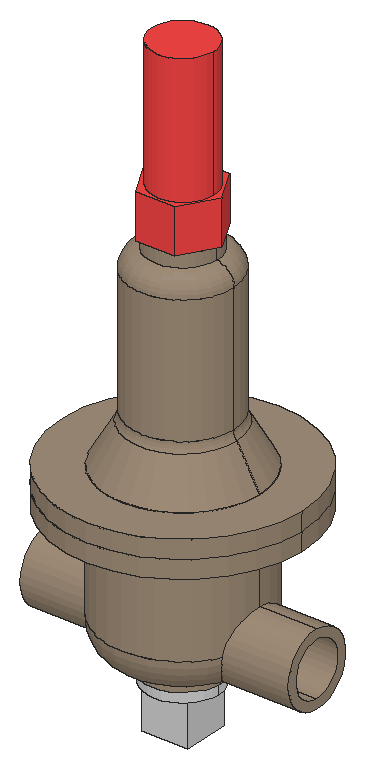
Revit family "Valve-Pressure_Relief-Cla_Val-55L_60-FNPT--", category Pipe Accessories, Revit 2020
Family settings
  Round Connector Dimension = Use Radius
  Part Type = Valve - Breaks Into
  OmniClass Number = 23.65.55.00
  OmniClass Title = Distribution of Supplied Liquids/Gases
  Work Plane-Based = No
  Always vertical = Yes
  Cut with Voids When Loaded = No
  Shared = No
Parameters (values of type "ERROR_LOAD TYPE CATALOG")
  Version = 1
  Valve Plug Nut Width = Plug Mount Radius / 0.85  # 0.58824"
  Valve Plug Nut Height = (Connection Axis to Valve Bottom - Threaded Female End Outside Radius) / 1.5  # 0.56222"
  Valve Length = 3.500"
  Valve Flange Outside Diameter = 3.120"
  Valve Body Diameter = 2.000"
  Upper Flange Height = Threaded Female End Inside Diameter / 3  # 0.23333"
  Valve Main Body Plug Circumscribe Length = Connection to Connection / 3.5  # 0.69503"
  Valve Flange Outside Radius = Valve Flange Outside Diameter / 2  # 1.560"
  Unit Weight Value = 0
  Threaded Female End Outside Radius = Threaded Female End Inside Diameter / 1.5  # 0.46667"
  Threaded Female End Inside Radius = Threaded Female End Inside Diameter / 2  # 0.350"
  Threaded Female End Inside Diameter = 0.700"
  Threaded Female End Insertion Depth = 0.5337"
  Symbol Sensor Radius = Tick Size / sqrt(3)  # 0.81087"
  Symbol Line Offset = Symbol Stem Height + Tick Size / 2  # 1.91853"
  Standards = "UL Listed and FM Approved"
  Series = "Pressure Relief Valves"
  Pressure Gauge Port Outside Radius = Pressure Gauge Port Outside Diameter / 2  # 0.2025"
  Pressure Gauge Port Outside Diameter = 0.405"
  Plug Mount Radius = Cover Radius - ((Valve Body Radius - Cover Radius) / 2)  # 0.500"
  Nut Union Circumscribe Length = 1.2315"
  Minimum Flow Rate Value = 0
  Minimum Flow Rate = 1 GPM * Minimum Flow Rate Value  # 0 GPM
  Maximum Flow Rate Value = 25
  Maximum Flow Rate = 1 GPM * Maximum Flow Rate Value  # 25 GPM
  K Coefficient Table = "Globe Valve Threaded"
  Cover Radius = Valve Body Diameter / 3  # 0.66667"
  Connection Axis to Valve Top = 6.750"
  Cap Radius = Valve Body Diameter / 5  # 0.400"
  Cover Bevel Radius = (Valve Body Radius - Plug Mount Radius) / 2  # 0.250"
  Valve Body Radius = Valve Body Diameter / 2  # 1.000"
  Overall Height = 8.620"
  Minimum Operating Temperature = 0 °F
  Maximum Operating Temperature = 180 °F
  Lower Flange Height = Threaded Female End Inside Diameter / 3  # 0.23333"
  Lock Nut Height = Overall Height / 15  # 0.57467"
  Lock Nut Circumscribe Length = Cap Mount Radius * 2  # 0.88889"
  Differential Pressure [instance] = 0.00 psi
  Default Elevation = 0.000"
  Cv Coefficient = 6
  Valve Body Material = Metal - Cla-Val - Bronze
  Connection Axis to Valve Bottom = 1.310"
  built-in parameter 1114242 [instance] = 1
  Unit Weight = 1.00 lbf * Unit Weight Value  # 0.00 lbf
  URL = "https://www.cla-val.com/"
  Tick Size = Connection to Connection / sqrt(3)  # 1.40446"
  Symbol Stem Height = Connection to Connection / 2  # 1.2163"
  Product Page URL = "https://www.cla-val.com/fire-protection/commercial-valves/pressure-relief-valves/55l-60"
  Plan Single Lines [instance] = not(Isometric Single Lines)  # yes
  Model = "55L-60"
  Maximum Working Pressure = 400.00 psi
  Manufacturer = "Cla_Val"  # constant formula
  Loss Method = K Coefficient
  K Coefficient = 1.5458
  Isometric Single Lines [instance] = no
  Flow Rate [instance] = 0 GPM
  Flow Configuration = "In/Out"
  ENGworks URL = "http://www.ENGworksGlobal.com/"
  Description = "Pressure Relief Valve"
  Connection to Connection = Valve Length - (Threaded Female End Insertion Depth * 2)  # 2.4326"
  Connection Type = "Female Thread"
  Connection Size = 1/2"
  Connection Radius = Connection Size / 2  # 1/4"
  Connection Axis to Lower Flange = Connection Axis to Valve Bottom  # 1.310"
  Cap Mount Radius = Valve Body Diameter / 4.5  # 0.44444"
  Cap Mount Height = Overall Height / 50  # 0.1724"
  Cap Material = Plastic - Cla-Val - Red
  Cap Height = Connection Axis to Valve Top / 3  # 2.250"
  Bottom Plug Material = Metal - Cla-Val - Stainless Steel
  Assembly Code = "D2090900"
Reference planes (in)
  plane 1 "Center (Front/Back)": y = 0
  plane 2: z = 0
  plane 3 "Center (Left/Right)": x = 0
  plane 4: x = -1.2163
  plane 5: x = 1.2163
  plane 6: z = 4.3276
  plane 7: z = -1.31
  plane 8: z = 6.75
  plane 9: x = -1.56
  plane 10: x = 1.56
  plane 11: x = 1
  plane 12: x = 0.66667
  plane 13: z = 5.07467
  plane 14: x = -1.18505
  plane 15: x = 1.18505
  plane 16: z = 1.31
  plane 17: z = 1.77667
  plane 18: z = 4.5
  plane 19: z = 1.54333
  plane 20: z = 4.5
  plane 21: z = -0.74778
  plane 22: z = -0.46667
  plane 23: x = 0.5
  plane 24: z = 0.03333
  plane 25: z = -0.21667
  plane 26: y = 0.29412
  plane 27: y = -0.29412
  plane 28: x = -0.29412
  plane 29: x = 0.29412
  plane 30: z = -0.60722
  plane 31: x = -0.46875
  plane 32: x = -0.5
  plane 33: z = -0.60722
  plane 34: x = -1.75
  plane 35: x = 1.75
  plane 36: x = -1.75
  plane 37: x = 1.75
  plane 38: y = 1.56
  plane 39: z = 1.1075
Forms (in)
  Revolve 1, solid, material "Metal - Cla-Val - Bronze" <- "Valve Body Material", detail levels fine
    sketch origin (0, 0, 0) x (1, 0, 0) y (0, 0, 1)
      loop
        line (0.41667, 4.3276) -> (0, 4.3276) -> (0, -0.60722) -> (0.5, -0.60722) -> (0.5, -0.46667)
        arc (0.5, -0.46667) -> (0.85355, -0.32022) -> (1, 0.03333) r 0.5
        line (1, 0.03333) -> (1, 1.77667) -> (0.70016, 2.296)
        arc (0.70016, 2.296) -> (0.67519, 2.3563) -> (0.66667, 2.421) r 0.25
        line (0.66667, 2.421) -> (0.66667, 4.0776)
        arc (0.66667, 4.0776) -> (0.59344, 4.25438) -> (0.41667, 4.3276) r 0.25
      axis (0, -0.60722) -> (0, 4.3276)
    angle from 0 to 360
  Sweep 2, solid, material "Metal - Cla-Val - Bronze" <- "Valve Body Material", detail levels fine
    path origin (0, 0, 0) x (1, 0, 0) y (0, 0, 1)
      loop
        line (0, 1.54333) -> (0, 1.31)
    profile "Profile-Pipe OR : Valve Bonnet Flange OR" origin (0, 0, 1.42667) x (1, 0, 0) y (0, -1, 0)
      loop
        circle (0, 0) r 1.56
  Sweep 3, solid, material "Metal - Cla-Val - Bronze" <- "Valve Body Material", detail levels fine
    path origin (0, 0, 0.3) x (1, 0, 0) y (0, 0, 1)
      loop
        line (0, 1.47667) -> (0, 1.24333)
    profile "Profile-Pipe OR : Valve Bonnet Flange OR" origin (0, 0, 1.66) x (1, 0, 0) y (0, -1, 0)
      loop
        circle (0, 0) r 1.56
  Sweep 4, solid, material "Metal - Cla-Val - Bronze" <- "Valve Body Material", detail levels fine
    path origin (0, 0, 0) x (1, 0, 0) y (0, 0, 1)
      loop
        line (0, 4.3276) -> (0, 4.5)
    profile "Profile-Pipe OR : Cap Mount OR" origin (0, 0, 4.4138) x (-1, 0, 0) y (0, -1, 0)
      loop
        circle (0, 0) r 0.44444
  Sweep 5, solid, material "Plastic - Cla-Val - Red" <- "Cap Material", detail levels fine
    path origin (0, 0, 0) x (1, 0, 0) y (0, 0, 1)
      loop
        line (0, 5.07467) -> (0, 4.5)
    profile "Profile-Hex : Cap Hex Profile" origin (0, 0, 4.78733) x (1, 0, 0) y (0, -1, 0)
      loop
        line (-0.2566, -0.44444) -> (0.2566, -0.44444) -> (0.5132, 0) -> (0.2566, 0.44444) -> (-0.2566, 0.44444) -> (-0.5132, 0) -> (-0.2566, -0.44444)
  Sweep 6, solid, material "Plastic - Cla-Val - Red" <- "Cap Material", detail levels fine
    path origin (0, 0, 0) x (1, 0, 0) y (0, 0, 1)
      loop
        line (0, 6.75) -> (0, 4.5)
    profile "Profile-Pipe OR : Cap OR" origin (0, 0, 5.625) x (1, 0, 0) y (0, -1, 0)
      loop
        circle (0, 0) r 0.4
  Sweep 7, solid, not visible, detail levels fine
    path origin (0, 0, 0) x (1, 0, 0) y (0, 0, 1)
      loop
        line (-1.2163, 0) -> (-1.18505, 0)
    profile "Profile-Pipe OR : Connection Disc Profile" origin (-1.20067, 0, 0) x (0, 0, 1) y (0, -1, 0)
      loop
        circle (0, 0) r 0.0625
  Sweep 8, solid, not visible, detail levels fine
    path origin (0, 0, 0) x (1, 0, 0) y (0, 0, 1)
      loop
        line (1.2163, 0) -> (1.18505, 0)
    profile "Profile-Pipe OR : Connection Disc Profile" origin (1.20068, 0, 0) x (0, 0, -1) y (0, -1, 0)
      loop
        circle (0, 0) r 0.0625
  Sweep 9, solid, material "Metal - Cla-Val - Bronze" <- "Valve Body Material", detail levels fine
    path origin (0, 0, 0) x (1, 0, 0) y (0, 0, 1)
      loop
        line (-1.75, 0) -> (1.75, 0)
    profile "Profile-Pipe OR : Female Thread OR" origin (0, 0, 0) x (0, 0, 1) y (0, -1, 0)
      loop
        circle (0, 0) r 0.46667
  Sweep 10, solid, material "Metal - Cla-Val - Stainless Steel" <- "Bottom Plug Material", detail levels fine
    path origin (0, 0, 0) x (1, 0, 0) y (0, 0, 1)
      loop
        line (0, -0.74778) -> (0, -1.31)
    profile origin (0, 0, -1.02889) x (0, -1, 0) y (1, 0, 0)
      loop
        line (-0.29412, -0.29412) -> (0.29412, -0.29412) -> (0.29412, 0.29412) -> (-0.29412, 0.29412) -> (-0.29412, -0.29412)
  Revolve 11, solid, material "Metal - Cla-Val - Stainless Steel" <- "Bottom Plug Material", detail levels fine
    sketch origin (0, 0, 0) x (1, 0, 0) y (0, 0, 1)
      loop
        line (-0.46875, -0.60722) -> (-0.46875, -0.74778) -> (0, -0.74778) -> (0, -0.60722) -> (-0.46875, -0.60722)
      axis (0, -0.60722) -> (0, -0.74778)
    angle from 0 to 360
  Sweep 12, void
    path origin (0, 0, 0) x (1, 0, 0) y (0, 0, 1)
      loop
        line (-1.2163, 0) -> (-1.75, 0)
    profile "Profile-Pipe OR : Female Thread IR" origin (-1.48315, 0, 0) x (0, 0, -1) y (0, -1, 0)
      loop
        circle (0, 0) r 0.35
  Sweep 13, void
    path origin (0, 0, 0) x (1, 0, 0) y (0, 0, 1)
      loop
        line (1.2163, 0) -> (1.75, 0)
    profile "Profile-Pipe OR : Female Thread IR" origin (1.48315, 0, 0) x (0, 0, 1) y (0, -1, 0)
      loop
        circle (0, 0) r 0.35
  Sweep 14, solid, material "Metal - Cla-Val - Bronze" <- "Valve Body Material", detail levels fine
    path origin (-13.56481, -180, 1.1075) x (-1, 0, 0) y (0, -1, 0)
      loop
        line (-13.56481, -180) -> (-13.56481, -181.56)
    profile "Profile-Pipe OR : Pressure Gauge Port OR" origin (0, 0.78, 1.1075) x (-1, 0, 0) y (0, 0, 1)
      loop
        circle (0, 0) r 0.2025
Cuts and joins
  Sweep 12, Sweep 13 cuts Sweep 9
  joined: Sweep 9, Sweep 14
  joined: Sweep 10, Revolve 11
Lines and regions (in)
  model lines, visible <- "Plan Single Lines", detail levels coarse+medium
    curve 1: line (-1.2163, 0.70223, 0) -> (-1.2163, -0.70223, 0)
    curve 2: line (1.2163, 0.70223, 0) -> (1.2163, -0.70223, 0)
    curve 11: line (-1.2163, 0.70223, 0) -> (1.2163, -0.70223, 0)
    curve 12: line (1.2163, 0.70223, 0) -> (-1.2163, -0.70223, 0)
    curve 13: line (-0.70223, 1.2163, 0) -> (0.70223, 1.2163, 0)
    curve 14: line (0, 0, 0) -> (0, 1.2163, 0)
    curve 15: arc (-0.70223, 1.2163, 0) -> (0, 1.62173, 0) -> (0.70223, 1.2163, 0) r 0.81087
    curve 16: line (0, 1.91853, 0) -> (-1.91853, 1.91853, 0)
    curve 17: line (0, 0, 0) -> (-1.91853, 1.91853, 0)
    curve 18: line (0, 1.91853, 0) -> (0, 1.62173, 0)
  model lines, visible <- "Isometric Single Lines", detail levels coarse+medium
    curve 3: line (-1.2163, 0, -0.70223) -> (-1.2163, 0, 0.70223)
    curve 4: line (1.2163, 0, 0.70223) -> (1.2163, 0, -0.70223)
    curve 5: line (-1.2163, 0, 0.70223) -> (1.2163, 0, -0.70223)
    curve 6: line (1.2163, 0, 0.70223) -> (-1.2163, 0, -0.70223)
    curve 7: line (-0.70223, 0, 1.2163) -> (0.70223, 0, 1.2163)
    curve 8: arc (-0.70223, 0, 1.2163) -> (0, 0, 1.62173) -> (0.70223, 0, 1.2163) r 0.81087
    curve 9: line (0, 0, 1.91853) -> (-1.91853, 0, 1.91853)
    curve 10: line (0, 0, 1.91853) -> (0, 0, 1.62173)
    curve 19: line (0, 0, 0) -> (-1.91853, 0, 1.91853)
    curve 20: line (0, 0, 1.2163) -> (0, 0, 0)
Dimensions and locks (in)
  equal spacing: plane 5, plane 3 "Center (Left/Right)", plane 4
  "Connection to Connection": plane 4 to plane 5
  equal spacing: curve 1, plane 1 "Center (Front/Back)", curve 1
  equal spacing: curve 2, plane 1 "Center (Front/Back)", curve 2
  "Tick Size": curve 1 to curve 1
  "Tick Size": curve 2 to curve 2
  equal spacing: curve 3, plane 2, curve 3
  equal spacing: curve 4, plane 2, curve 4
  "Tick Size": curve 3 to curve 3
  "Tick Size": curve 4 to curve 4
  "Connection Axis to Valve Bottom": plane 2 to plane 7
  equal spacing: curve 7, plane 3 "Center (Left/Right)", curve 7
  "Symbol Stem Height": curve 7 to plane 2
  "Tick Size": curve 8 to curve 8
  "Symbol Line Offset": curve 9 to plane 2
  equal spacing: curve 13, plane 3 "Center (Left/Right)", curve 13
  "Symbol Stem Height": plane 1 "Center (Front/Back)" to curve 13
  "Tick Size": curve 13 to curve 13
  "Symbol Line Offset": plane 1 "Center (Front/Back)" to curve 16
  "Symbol Line Offset": curve 17 to plane 3 "Center (Left/Right)"
  "Symbol Line Offset": plane 3 "Center (Left/Right)" to curve 19
  "Valve Flange Outside Radius": plane 10 to plane 3 "Center (Left/Right)" to plane 9
  locked: plane 14 to plane 4 at 0.03125
  locked: plane 5 to plane 15 at 0.03125
  "Connection Axis to Lower Flange": plane 16 to plane 2
  "Cover Radius": plane 12 to plane 3 "Center (Left/Right)"
  "Valve Body Radius": plane 11 to plane 3 "Center (Left/Right)"
  "Cap Mount Height": plane 18 to plane 6
  "Lower Flange Height": plane 19 to plane 16
  "Upper Flange Height": plane 17 to plane 19
  "Cap Height": plane 8 to plane 20
  "Lock Nut Height": plane 13 to plane 20
  "Cap Mount Height": plane 20 to plane 6
  "Valve Plug Nut Height": plane 21 to plane 7
  "Plug Mount Radius": plane 23 to plane 3 "Center (Left/Right)"
  "Cover Bevel Radius": plane 24 to plane 25 to plane 22
  "Connection Axis to Valve Top": plane 8 to plane 2
  "Threaded Female End Outside Radius": plane 2 to plane 22
  equal spacing: plane 27, plane 1 "Center (Front/Back)", plane 26
  equal spacing: plane 28, plane 3 "Center (Left/Right)", plane 29
  "Valve Plug Nut Width": plane 26 to plane 27
  "Valve Plug Nut Width": plane 28 to plane 29
  equal spacing: plane 22, plane 30, plane 21
  "Plug Mount Radius": plane 3 "Center (Left/Right)" to plane 32
  locked: plane 31 to plane 32 at 0.03125
  equal spacing: plane 22, plane 33, plane 21
  equal spacing: plane 35, plane 3 "Center (Left/Right)", plane 34
  "Valve Length": plane 35 to plane 34
  "Threaded Female End Insertion Depth": plane 36 to plane 4
  "Threaded Female End Insertion Depth": plane 37 to plane 5
  "Valve Flange Outside Radius": plane 1 "Center (Front/Back)" to plane 38
  "Pressure Gauge Port Outside Radius": plane 16 to plane 39
  "Symbol Sensor Radius": radius of curve 8
  "Symbol Sensor Radius": radius of curve 15
  "Cover Bevel Radius": radius of Revolve 1 sketch curve  (x2)
  locked: curve 7 to plane 3 "Center (Left/Right)" (angle 90.00°)
  locked: curve 9 to plane 3 "Center (Left/Right)" (angle 90.00°)
  locked: curve 13 to plane 3 "Center (Left/Right)" (angle 90.00°)
  locked: curve 17 to plane 1 "Center (Front/Back)" (angle 45.00°)
  locked: curve 16 to plane 3 "Center (Left/Right)" (angle 90.00°)
  locked: curve 19 to plane 2 (angle 45.00°)
  locked: plane 12 to Revolve 1 sketch curve (angle 30.00°)
  aligned and locked: level to plane 2
  aligned and locked: plane 4 to curve 1
  aligned and locked: plane 5 to curve 2
  aligned and locked: curve 18 to plane 3 "Center (Left/Right)"
  aligned and locked: plane 3 "Center (Left/Right)" to curve 17
  aligned and locked: plane 2 to curve 17
  aligned and locked: plane 4 to curve 5
  aligned and locked: plane 4 to curve 12
  aligned and locked: plane 5 to curve 12
  aligned and locked: plane 5 to curve 11
  aligned and locked: plane 4 to curve 11
  aligned and locked: plane 5 to curve 4
  aligned and locked: curve 3 to plane 4
  aligned and locked: curve 10 to plane 3 "Center (Left/Right)"
  aligned and locked: plane 2 to curve 19
  aligned and locked: curve 20 to plane 3 "Center (Left/Right)"
  aligned and locked: plane 13 to Sweep 5 sketch curve
  aligned and locked: plane 8 to Sweep 6 sketch curve
  aligned and locked: plane 4 to Sweep 7 sketch curve
  aligned and locked: plane 14 to Sweep 7 sketch curve
  aligned and locked: plane 2 to Sweep 8 sketch curve
  aligned and locked: plane 5 to Sweep 8 sketch curve
  aligned and locked: plane 15 to Sweep 8 sketch curve
  aligned and locked: plane 3 "Center (Left/Right)" to Sweep 4 sketch curve
  aligned and locked: Sweep 5 sketch curve to plane 3 "Center (Left/Right)"
  aligned and locked: Sweep 6 sketch curve to plane 3 "Center (Left/Right)"
  aligned and locked: Sweep 2 sketch curve to plane 3 "Center (Left/Right)"
  aligned and locked: Sweep 3 sketch curve to plane 3 "Center (Left/Right)"
  aligned and locked: plane 16 to Sweep 2 sketch curve
  aligned and locked: plane 17 to Sweep 3 sketch curve
  aligned and locked: plane 6 to Revolve 1 sketch curve
  aligned and locked: Revolve 1 sketch curve to plane 11
  aligned and locked: Revolve 1 sketch curve to plane 3 "Center (Left/Right)"
  aligned and locked: plane 3 "Center (Left/Right)" to Revolve 1 sketch curve
  aligned and locked: plane 8 to Revolve 1 sketch curve
  aligned and locked: plane 7 to Revolve 1 sketch curve
  aligned and locked: plane 6 to Sweep 4 sketch curve
  aligned and locked: plane 12 to Revolve 1 sketch curve
  aligned and locked: plane 11 to Revolve 1 sketch curve
  aligned and locked: plane 17 to Revolve 1 sketch curve
  aligned and locked: Sweep 7 sketch curve to plane 2
  aligned and locked: plane 18 to Sweep 6 sketch curve
  aligned and locked: Sweep 9 sketch curve to plane 2
  aligned and locked: plane 19 to Sweep 2 sketch curve
  aligned and locked: plane 19 to Sweep 3 sketch curve
  aligned and locked: plane 20 to Sweep 4 sketch curve
  aligned and locked: plane 23 to Revolve 1 sketch curve  (x2)
  aligned and locked: plane 22 to Revolve 1 sketch curve
  aligned and locked: Sweep 10 sketch curve to plane 3 "Center (Left/Right)"
  aligned and locked: plane 21 to Sweep 10 sketch curve
  aligned and locked: plane 7 to Sweep 10 sketch curve
  aligned and locked: Sweep 10 sketch curve to plane 26
  aligned and locked: plane 28 to Sweep 10 sketch curve
  aligned and locked: Sweep 10 sketch curve to plane 27
  aligned and locked: Sweep 10 sketch curve to plane 29
  aligned and locked: Revolve 1 sketch curve to plane 30
  aligned and locked: plane 21 to Revolve 11 sketch curve  (x2)
  aligned and locked: Revolve 11 sketch curve to plane 3 "Center (Left/Right)"  (x2)
  aligned and locked: Revolve 11 sketch curve to plane 33
  aligned and locked: plane 31 to Revolve 11 sketch curve
  aligned and locked: plane 7 to Revolve 11 sketch curve
  aligned and locked: plane 34 to Sweep 9 sketch curve
  aligned and locked: plane 35 to Sweep 9 sketch curve
  aligned and locked: plane 2 to Sweep 12 sketch curve
  aligned and locked: plane 4 to Sweep 12 sketch curve
  aligned and locked: plane 36 to Sweep 12 sketch curve
  aligned and locked: Sweep 13 sketch curve to plane 2
  aligned and locked: plane 37 to Sweep 13 sketch curve
  aligned and locked: plane 5 to Sweep 13 sketch curve
  aligned and locked: plane 3 "Center (Left/Right)" to Sweep 14 sketch curve
  aligned and locked: plane 1 "Center (Front/Back)" to Sweep 14 sketch curve
  aligned and locked: plane 38 to Sweep 14 sketch curve
Automatic sketch dimensions
  plane 1 "Center (Front/Back)" to curve 14 = 0.000"
  Sweep 5 sketch curve to plane 20 = 0.000"
  Revolve 1 sketch curve to plane 24 = 0.000"
Connectors (in)
  piping at (1.2163, 0, 0), diameter 0.5, driven by "Connection Radius", driven by "Flow Rate"
    settings: on Sweep 8, index 1, connector inside diameter 24", connector length 0.000", flow factor 0, pipe flow 0 GPM, pressure drop 0.00 psi, fitting loss kfactor 0, connector angle 0.00°, fixture units 0, engagement length 0.000", angle of deflection 0.00°, flow configuration 0, flow direction 2, fitting loss method 0, system type 29, joint type 0, gender type 0, connector reference index -1, connector utility 0, adjustable connector no, is connector primary yes, connector description "Out"
  piping at (-1.2163, 0, 0), diameter 0.5, driven by "Connection Radius", driven by "Flow Rate", driven by "K Coefficient"
    settings: on Sweep 7, index 2, connector inside diameter 24", connector length 0.000", flow factor 0, pipe flow 0 GPM, pressure drop 0.00 psi, fitting loss kfactor 1.5458, connector angle 0.00°, fixture units 0, engagement length 0.000", angle of deflection 0.00°, flow configuration 1, flow direction 1, fitting loss method 2, system type 29, joint type 0, gender type 0, connector reference index -1, connector utility 0, adjustable connector no, is connector primary no, connector description "In"
